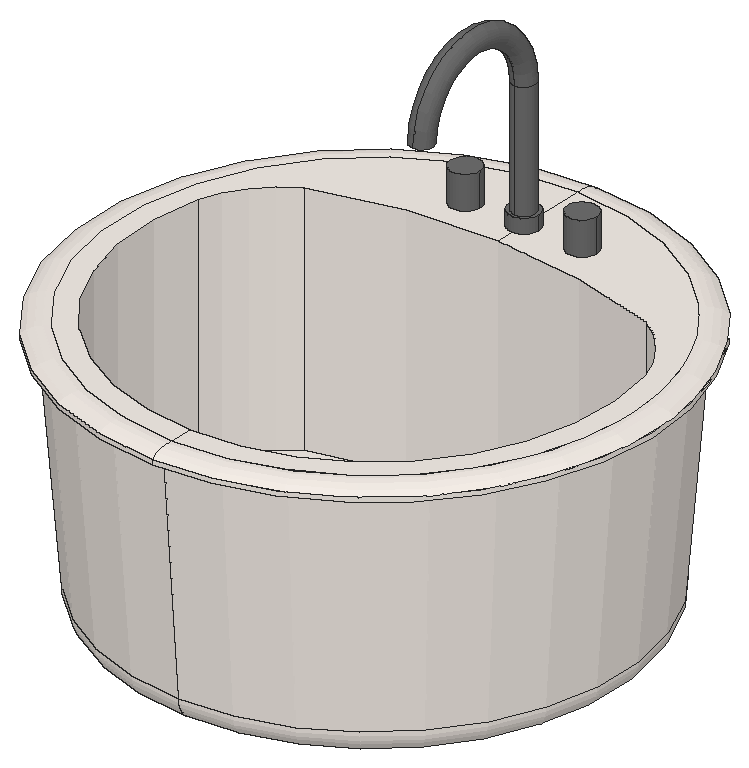
Revit family
Parameters (values of type "482 x 482mm")
  Basin Material = Porcelain - Linen
  Fixture Material = Metal - Steel, Polished
  Top Of Counter = 750.09 mm
Reference planes
  plane 1: z = 0
  plane 2 "Center (Left/Right)": x = 96.652
  plane 3: z = 750.09
  plane 4: z = 759.615
  plane 5: x = -144.648
  plane 6: x = 337.952
  plane 7: y = 85.168
  plane 8: y = 326.468
  plane 9: y = -156.132
  plane 10: y = 136.253
  plane 11 "cold": x = 147.452
  plane 12 "hot": x = 45.852
  plane 13: y = 247.093
  plane 14 "sweep": x = 96.652
  plane 15: y = 247.093
  plane 16: z = 788.19
  plane 17: z = 534.19
  plane 18: z = 771.85
Forms (mm)
  Revolve 1, solid, material "Porcelain - Linen" <- "Basin Material"
    sketch origin (96.652, 0, 0) x (0, 1, 0) y (0, 0, 1)
      loop
        line (326.468, 750.09) -> (326.468, 754.059)
        arc (326.468, 754.059) -> (316.651, 758.914) -> (305.722, 759.615) r 27.884
        line (305.722, 759.615) -> (85.168, 759.615) -> (85.168, 534.19) -> (277.462, 534.19)
        arc (277.462, 534.19) -> (292.221, 540.434) -> (298.018, 555.374) r 20.566
        line (298.018, 555.374) -> (314.561, 750.09) -> (326.468, 750.09)
      axis (85.168, 759.615) -> (85.168, 534.19)
    angle from 0 to 360
  Extrusion 2, solid
    sketch origin (0, 0, 0) x (1, 0, 0) y (0, 1, 0)
      loop
        circle (96.652, 85.168) r 20.637
    from 555.374 to 534.19
  Extrusion 3, solid, material "Metal - Steel, Polished" <- "Fixture Material"
    sketch origin (0, 0, 0) x (1, 0, 0) y (0, 1, 0)
      loop
        circle (147.452, 247.093) r 12.7
    from 788.19 to 759.615
  Extrusion 4, solid, material "Metal - Steel, Polished" <- "Fixture Material"
    sketch origin (-101.6, 0, 0) x (1, 0, 0) y (0, 1, 0)
      loop
        circle (147.452, 247.093) r 12.7
    from 788.19 to 759.615
  Extrusion 5, solid, material "Metal - Steel, Polished" <- "Fixture Material"
    sketch origin (-50.8, 0, 0) x (1, 0, 0) y (0, 1, 0)
      loop
        circle (147.452, 247.093) r 12.7
    from 759.615 to 771.85
  Sweep 6, solid, material "Metal - Steel, Polished" <- "Fixture Material"
    path origin (96.652, 0, 0) x (0, -1, 0) y (0, 0, 1)
      loop
        line (-247.093, 759.615) -> (-247.093, 872.328)
        arc (-247.093, 872.328) -> (-191.673, 927.748) -> (-136.253, 872.328) r 55.42
    profile origin (96.652, 0, 815.971) x (0, 1, 0) y (-1, 0, 0)
      loop
        circle (247.093, 0) r 9.525
  Extrusion 7, void
    sketch origin (0, 0, 0) x (1, 0, 0) y (0, 1, 0)
      loop
        arc (-52.153, 194.086) -> (-80.443, 169.371) -> (-98.17, 136.253) r 104.55
        arc (-98.17, 136.253) -> (96.652, -116.241) -> (291.474, 136.253) r 201.408
        arc (291.474, 136.253) -> (273.746, 169.371) -> (245.457, 194.086) r 104.55
        arc (245.457, 194.086) -> (96.652, 219.266) -> (-52.153, 194.086) r 452.283
    from 759.615 to 555.374
Cuts and joins
  Extrusion 7 cuts Revolve 1
  Extrusion 7 cuts Extrusion 2
  Extrusion 7 cuts Extrusion 3
  Extrusion 7 cuts Extrusion 4
  Extrusion 7 cuts Extrusion 5
  Extrusion 7 cuts Sweep 6
  joined: Extrusion 5, Sweep 6
Lines and regions (mm)
  symbolic lines
    curve 1: arc (337.952, 85.168, 0) -> (96.652, 326.468, 0) -> (-144.648, 85.168, 0) r 241.3
    curve 2: arc (-144.648, 85.168, 0) -> (96.652, -156.132, 0) -> (337.952, 85.168, 0) r 241.3
    curve 3: arc (117.289, 85.168, 0) -> (96.652, 105.805, 0) -> (76.014, 85.168, 0) r 20.637
    curve 4: arc (76.014, 85.168, 0) -> (96.652, 64.53, 0) -> (117.289, 85.168, 0) r 20.637
    curve 5: arc (160.152, 247.093, 0) -> (147.452, 259.793, 0) -> (134.752, 247.093, 0) r 12.7
    curve 6: arc (134.752, 247.093, 0) -> (147.452, 234.393, 0) -> (160.152, 247.093, 0) r 12.7
    curve 7: arc (106.177, 247.093, 0) -> (96.652, 256.618, 0) -> (87.127, 247.093, 0) r 9.525
    curve 8: arc (58.552, 247.093, 0) -> (45.852, 259.793, 0) -> (33.152, 247.093, 0) r 12.7
    curve 9: arc (33.152, 247.093, 0) -> (45.852, 234.393, 0) -> (58.552, 247.093, 0) r 12.7
    curve 10: arc (-98.17, 136.253, 0) -> (96.652, -116.241, 0) -> (291.474, 136.253, 0) r 201.408
    curve 11: arc (-98.17, 136.253, 0) -> (-80.443, 169.371, 0) -> (-52.153, 194.086, 0) r 104.55
    curve 12: arc (291.474, 136.253, 0) -> (273.746, 169.371, 0) -> (245.457, 194.086, 0) r 104.55
    curve 13: arc (-52.153, 194.086, 0) -> (16.5, 212.107, 0) -> (87.127, 219.166, 0) r 452.283
    curve 14: line (87.127, 247.093, 0) -> (87.127, 136.253, 0)
    curve 15: line (106.177, 247.093, 0) -> (106.177, 136.253, 0)
    curve 16: arc (87.127, 136.253, 0) -> (96.652, 126.728, 0) -> (106.177, 136.253, 0) r 9.525
    curve 17: arc (106.177, 219.166, 0) -> (176.804, 212.107, 0) -> (245.457, 194.086, 0) r 452.283
Dimensions and locks
  locked: plane 4 to plane 3 at 9.525
  locked: plane 5 to plane 2 "Center (Left/Right)" at 241.3
  locked: plane 2 "Center (Left/Right)" to plane 6 at 241.3
  plane 7 to plane 8 = 241.30 mm
  plane 9 to plane 7 = 241.30 mm
  plane 1 to plane 3 = 750.09 mm
  locked: plane 12 "hot" to plane 2 "Center (Left/Right)" at 50.8
  locked: plane 2 "Center (Left/Right)" to plane 11 "cold" at 50.8
  locked: plane 13 to plane 8 at 79.375
  "Top Of Counter": plane 3 to plane 1
  locked: plane 16 to plane 3 at 38.1
  locked: plane 3 to plane 17 at 215.9
  plane 18 to plane 4 = 12.235 mm
  aligned and locked: plane 16 to Extrusion 3
  aligned and locked: plane 4 to Extrusion 3
  aligned and locked: Extrusion 3 to Extrusion 4
  aligned and locked: plane 4 to Extrusion 4
  aligned and locked: Revolve 1 sketch curve to plane 17
  aligned and locked: Extrusion 7 to Revolve 1
  aligned and locked: Extrusion 7 to plane 4
  aligned and locked: Extrusion 2 to cut or joined group of Revolve 1, Extrusion 7
  aligned and locked: plane 17 to Extrusion 2
  aligned and locked: Extrusion 5 to plane 18
  aligned and locked: plane 4 to Extrusion 5
Automatic sketch dimensions
  Extrusion 2 sketch curve to plane 7 = 0.00 mm
  Extrusion 2 sketch curve to plane 2 "Center (Left/Right)" = 0.00 mm
  Extrusion 2 sketch curve to plane 2 "Center (Left/Right)" = 20.637 mm
  Extrusion 3 sketch curve to plane 13 = 0.00 mm
  Extrusion 3 sketch curve to plane 11 "cold" = 0.00 mm
  Extrusion 3 sketch curve to Extrusion 3 sketch curve = 12.70 mm
  Extrusion 4 sketch curve to Extrusion 4 sketch curve = 12.70 mm
  Extrusion 4 sketch curve to plane 13 = 0.00 mm
  Extrusion 4 sketch curve to plane 11 "cold" = 101.60 mm
  Extrusion 5 sketch curve to Extrusion 5 sketch curve = 12.70 mm
  Extrusion 5 sketch curve to plane 13 = 0.00 mm
  Extrusion 5 sketch curve to plane 11 "cold" = 50.80 mm
  Sweep 6 sketch curve to plane 13 = 0.00 mm
  Sweep 6 sketch curve to plane 10 = 0.00 mm
  Sweep 6 sketch curve to plane 4 = 0.00 mm
  Sweep 6 sketch curve to plane 3 = 122.237 mm
  Sweep 6 sketch curve to plane 14 "sweep" = 0.00 mm
  Sweep 6 sketch curve to profile plane = 0.00 mm
  profile plane to Sweep 6 sketch curve = 9.525 mm
  Revolve 1 sketch curve to plane 7 = 0.00 mm  (x2)
  Revolve 1 sketch curve to level = 0.00 mm
  Revolve 1 sketch curve to plane 4 = 0.00 mm  (x2)
  Revolve 1 sketch curve to plane 3 = 0.00 mm
  Revolve 1 sketch curve to plane 8 = 0.00 mm
  plane 8 to Revolve 1 sketch curve = 49.006 mm
  Revolve 1 sketch curve to Revolve 1 sketch curve = 20.556 mm
  plane 8 to Revolve 1 sketch curve = 20.745 mm
  Revolve 1 sketch curve to Revolve 1 sketch curve = 17.03 mm
  plane 8 to Revolve 1 sketch curve = 11.906 mm
  Revolve 1 sketch curve to Revolve 1 sketch curve = 20.566 mm
  Revolve 1 sketch curve to Revolve 1 sketch curve = 18.111 mm
  Extrusion 7 sketch curve to plane 10 = 0.00 mm  (x2)
  Extrusion 7 sketch curve to plane 2 "Center (Left/Right)" = 0.00 mm  (x2)
  Extrusion 7 sketch curve to plane 7 = 0.00 mm
  Extrusion 7 sketch curve to plane 7 = 19.108 mm  (x2)
  Extrusion 7 sketch curve to plane 2 "Center (Left/Right)" = 95.283 mm
  Extrusion 7 sketch curve to Extrusion 7 sketch curve = 53.522 mm
  Extrusion 7 sketch curve to Extrusion 7 sketch curve = 46.017 mm
  plane 2 "Center (Left/Right)" to Extrusion 7 sketch curve = 95.283 mm
  plane 9 to Extrusion 7 sketch curve = 76.885 mm
  curve 2 to plane 5 = 0.00 mm
  curve 10 to plane 10 = 0.00 mm
  curve 9 to plane 13 = 0.00 mm
  curve 9 to plane 12 "hot" = 0.00 mm
  curve 3 to plane 7 = 0.00 mm
  curve 14 to plane 13 = 0.00 mm
  curve 16 to plane 10 = 0.00 mm
  curve 16 to plane 2 "Center (Left/Right)" = 0.00 mm
  curve 13 to plane 2 "Center (Left/Right)" = 0.00 mm
  curve 4 to plane 2 "Center (Left/Right)" = 0.00 mm
  curve 1 to plane 2 "Center (Left/Right)" = 0.00 mm
  curve 10 to plane 2 "Center (Left/Right)" = 0.00 mm
  curve 17 to plane 2 "Center (Left/Right)" = 0.00 mm
  curve 6 to plane 13 = 0.00 mm
  curve 6 to plane 11 "cold" = 0.00 mm
  curve 12 to plane 10 = 0.00 mm
  curve 2 to plane 7 = 0.00 mm
  curve 10 to plane 7 = 0.00 mm
  curve 10 to plane 5 = 46.478 mm
  curve 11 to plane 10 = 57.834 mm
  curve 10 to curve 11 = 46.017 mm
  curve 11 to plane 7 = 19.108 mm
  curve 9 to curve 8 = 12.70 mm
  curve 3 to plane 2 "Center (Left/Right)" = 20.637 mm
  curve 14 to plane 2 "Center (Left/Right)" = 9.525 mm
  curve 6 to curve 5 = 12.70 mm
  curve 12 to plane 7 = 19.108 mm
  curve 3 to curve 12 = 74.645 mm
  curve 17 to curve 10 = 46.017 mm
  plane 9 to curve 17 = 76.885 mm
  curve 13 to curve 17 = 0.00 mm
